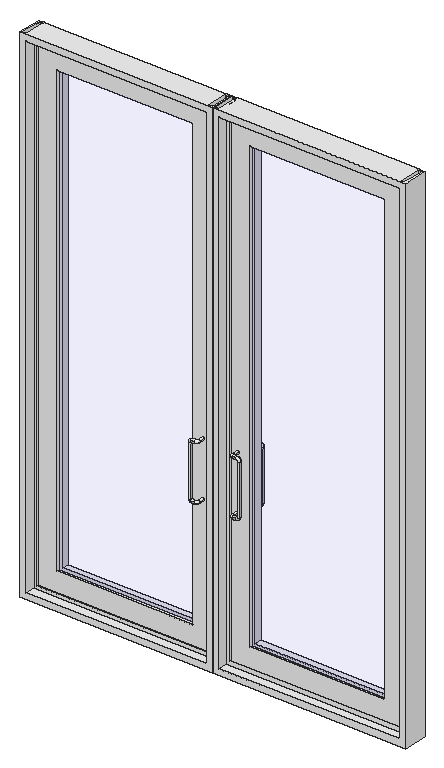
Revit family "kawneer-2000t-pr_20608", category Doors, Revit 2015
Parameters
  Width = 64"
  Water - Static (ASTM E 331) = "In-swing - 6.24 psf (300 Pa)\r\nOut-swing - 15.0 psf (718 Pa)"
  URL = "http://www.kawneer.com/kawneer/north_america/en/product.asp?prod_id=1822"
  Type of Glazing = "monolithic, insulating"
  Type Comments = "Narrow Stile Terrace Access Door"
  Thermal Transmittance = "<0.57 BTU/hr/ff/F"
  Sub Category3 = ""
  Sub Category2 = ""
  Sub Category1 = ""
  Short Description = "Narrow Stile Terrace Access Door"
  Product data url = "https://bimobject.com/kawneerna/product/20607"
  Panel Inserts Material = Glass
  Overall U-Factor = "0.5646"
  Model = "2000T Terrace Door"
  Manufacturer Part Number = "2000T Terrace Door"
  Manufacturer = "Kawneer"
  Keywords = "Entrance, Door, Swing Door, French Door, Balcony Door, Thermally Broken Door"
  Hurricane Resistant Tested = "Small missile\r\nLarge missile"
  Hinging Types = "Butt Hinge"
  Height = 84"
  Glass U-Factor = "0.48"
  Glass Installtion = "outside"
  Glass Capture = "Captured"
  Function (Interior or Exterior) = "Exterior"
  Function = Interior
  Door Panel Width = Width / 2  # 32"
  Door Panel Material = Aluminum - ASTM B 221 - 6063-T6 alloy and temper
  Door Hangle Height = 33 25/256"
  Door Handle Material = Aluminum - ASTM B 221 - 6063-T6 alloy and temper
  Door Corner Construction = "Mitered, heavy duty internal corner clip"
  Design Pressure = "40 psf (1915 Pa)"
  Design Load = "60 psf (2873 Pa)"
  Description = "The \"2000T Terrace Door\" is a thermally broken high performance French style door for use in condominiums, lofts, hotels and apartments.  It features mitered corner construction with heavy duty corner clips, stainless steel locking hardware and designed to meet the code requirements of windborne debris protection."
  Depth = 2"
  Color = "any"
  Cladding Type = "n/a"
  CSI Masterformat Code = "08 41 13"
  Assembly Code = "B2030110"
  Application = "exterior balconies"
  Air Infiltration (ASTM E 283) = "< 0.30 cfm/ft2  @ 6.24 psf (300 Pa), Pairs Doors"
  2-Color Option = "yes"
Reference planes
  plane 1 "Center (Front/Back)": y = -50
  plane 2: z = 0
  plane 3 "Center (Left/Right)": x = -310.356
  plane 4: x = -1123.156
  plane 5: x = 502.444
  plane 6: y = -24.6
  plane 7: y = -75.4
  plane 8: z = 2133.6
  plane 9: z = 840.68
Dimensions and locks
  equal spacing: plane 4, plane 3 "Center (Left/Right)", plane 5
  equal spacing: plane 6, plane 1 "Center (Front/Back)", plane 7
  "Depth": plane 6 to plane 7
  "Width": plane 4 to plane 5
  "Height": plane 8 to level
  "Door Hangle Height": plane 9 to level
  aligned and locked: plane 1 "Center (Front/Back)" to nested 1
  aligned and locked: nested 2 to plane 1 "Center (Front/Back)"
  aligned and locked: plane 4 to nested 2
  aligned and locked: plane 5 to nested 1
Nested families
  nested 1: "Kawneer-2000T-Sgl" at (406.4, 0, 0), type "Kawneer-2000T-Sgl"
  nested 2: "Kawneer-2000T-Sgl" at (-1027.112, 0, 0) x (-1, 0, 0) z (0, 0, 1), type "Kawneer-2000T-Sgl"
Definition of nested family "Kawneer-2000T-Sgl"
  Parameters
    Width = 32"
    Water - static (ASTM E 331) = "In-swing - 6.24 psf (300 Pa)\r\nOut-swing - 15.0 psf (718 Pa)"
    URL = "http://www.kawneer.com/kawneer/north_america/en/product.asp?prod_id=1822"
    Type of Glazing = "monolithic, insulating"
    Type Comments = "Narrow Stile Terrace Access Door"
    Thermal transmittance = "<0.57 BTU/hr/ff/F"
    Sub Category3 = ""
    Sub Category2 = ""
    Sub Category1 = ""
    Short Description = "Narrow Stile Terrace Access Door"
    Panel Inserts Material = none
    Overall U-Factor = "0.5646"
    Model = "2000T Terrace Door"
    Mfr Part Num = "2000T Terrace Door"
    Manufacturer = "Kawneer"
    Keywords = "Entrance, Door, Swing Door, French Door, Balcony Door, Thermally Broken Door"
    Hurricane Resistant Tested = "Small missile\r\nLarge missile"
    Hinging Types = "Butt Hinge"
    Height = 84"
    Glass capture = "Captured"
    Glass U-Factor = "0.48"
    Glass Installtion = "outside"
    Function (Interior or Exterior) = "Exterior"
    Door Panel Material = none
    Door Hangle Material = none
    Door Hangle Height = 33 25/256"
    Door Handle Width = Width - (1 9/16" * 2)  # 28 7/8"
    Door Corner Construction = "Mitered, heavy duty internal corner clip"
    Design load = "60 psf (2873 Pa)"
    Design Pressure = "40 psf (1915 Pa)"
    Description = "The \"2000T Terrace Door\" is a thermally broken high performance French style door for use in condominiums, lofts, hotels and apartments.  It features mitered corner construction with heavy duty corner clips, stainless steel locking hardware and designed to meet the code requirements of windborne debris protection."
    Depth = 4"
    Color = "any"
    Cladding Type = "n/a"
    CSI Mastformat Code = "08 41 13"
    Assembly Code = "B2030110"
    Application = "exterior balconies"
    Air Infiltration (ASTM E 283) = "< 0.30 cfm/ft2  @ 6.24 psf (300 Pa), Single Doors"
    2-Color Option = "yes"
  Reference planes
    plane 1 "Center (Front/Back)": y = -50
    plane 2: z = 0
    plane 3 "Center (Left/Right)": x = -310.356
    plane 4: x = -716.756
    plane 5: x = 96.044
    plane 6: y = 0.8
    plane 7: y = -100.8
    plane 8: z = 2133.6
    plane 9: z = 840.68
    plane 10: x = -691.356
    plane 11: x = 70.644
    plane 12: z = 25.4
    plane 13: z = 2108.2
    plane 14: x = -596.106
    plane 15: x = -24.606
    plane 16: x = -643.731
  Forms (mm)
    Sweep 1, solid, material <- "Door Panel Material"
      path origin (0, -50, 0) x (1, 0, 0) y (0, 0, 1)
        loop
          line (-716.756, 2133.6) -> (-716.756, 0)
      profile "2000TDoorFrameSide : 2000TDoorFrameSide" origin (-716.756, -50, 1066.8) x (1, 0, 0) y (0, -1, 0)
        loop
          line (25.4, 50.8) -> (0, 50.8) -> (0, -50.8) -> (20.439, -50.8) -> (20.4, -45.839) -> (25.4, -45.839) -> (25.4, 6.35) -> (40.382, 6.35) -> (40.382, 11.311) -> (25.4, 11.311) -> (25.4, 50.8)
        loop
          line (5, -45.8) -> (15.439, -45.8) -> (15.439, -40.839) -> (20.439, -40.839) -> (20.4, 45.75) -> (5, 45.75) -> (5, -45.8)
    Sweep 2, solid, material <- "Door Panel Material"
      path origin (0, -50, 0) x (1, 0, 0) y (0, 0, 1)
        loop
          line (96.044, 2133.6) -> (96.044, 0)
      profile "2000TDoorFrameSide : 2000TDoorFrameSide" origin (96.044, -50, 1066.8) x (1, 0, 0) y (0, -1, 0)
        loop
          line (-25.4, 50.8) -> (-25.4, 11.311) -> (-40.382, 11.311) -> (-40.382, 6.35) -> (-25.4, 6.35) -> (-25.4, -45.839) -> (-20.4, -45.839) -> (-20.439, -50.8) -> (0, -50.8) -> (0, 50.8) -> (-25.4, 50.8)
        loop
          line (-5, -45.8) -> (-5, 45.75) -> (-20.4, 45.75) -> (-20.439, -40.839) -> (-15.439, -40.839) -> (-15.439, -45.8) -> (-5, -45.8)
    Sweep 3, solid, material <- "Door Panel Material"
      path origin (0, -50, 0) x (1, 0, 0) y (0, 0, 1)
        loop
          line (-691.356, 2133.6) -> (70.644, 2133.6)
      profile "2000TDoorFrameTop : 2000TDoorFrameTop" origin (-310.356, -50, 2133.6) x (0, 0, 1) y (0, -1, 0)
        loop
          line (-25.4, 50.8) -> (-25.4, 11.311) -> (-40.382, 11.311) -> (-40.382, 6.35) -> (-25.4, 6.35) -> (-25.4, -45.839) -> (-20.4, -45.839) -> (-20.439, -50.8) -> (0, -50.8) -> (0, 50.8) -> (-25.4, 50.8)
        loop
          line (-5, -45.8) -> (-5, 45.75) -> (-20.4, 45.75) -> (-20.439, -40.839) -> (-15.439, -40.839) -> (-15.439, -45.8) -> (-5, -45.8)
    Sweep 4, solid, material <- "Door Panel Material"
      path origin (0, -50, 0) x (1, 0, 0) y (0, 0, 1)
        loop
          line (-691.356, 0) -> (70.644, 0)
      profile "2000TDoorFrameBottom : 2000TDoorFrameBottom" origin (-310.356, -50, 0) x (0, 0, 1) y (0, -1, 0)
        loop
          line (25.4, 50.8) -> (0, 50.8) -> (0, -50.8) -> (20.439, -50.8) -> (20.4, -45.839) -> (25.4, -45.839) -> (25.4, 6.35) -> (40.382, 6.35) -> (40.382, 11.311) -> (25.4, 11.311) -> (25.4, 50.8)
        loop
          line (5, -45.8) -> (15.439, -45.8) -> (15.439, -40.839) -> (20.439, -40.839) -> (20.4, 45.75) -> (5, 45.75) -> (5, -45.8)
    Sweep 5, solid, material <- "Door Panel Material"
      path origin (0, -50, 0) x (1, 0, 0) y (0, 0, 1)
        loop
          line (-691.356, 2108.2) -> (-691.356, 25.4)
      profile "2000TSide : 2000TSide" origin (-691.356, -50, 1066.8) x (1, 0, 0) y (0, -1, 0)
        loop
          line (57.35, 1.35) -> (4.961, 1.35) -> (4.961, -45.839) -> (57.35, -45.839) -> (57.35, 1.35)
        loop
          line (95.25, -50.8) -> (95.25, -22.682) -> (62.35, -22.682) -> (62.35, 1.35) -> (90.289, 1.35) -> (90.289, -3.611) -> (95.25, -3.611) -> (95.25, 6.35) -> (0, 6.35) -> (0, 1.35) -> (0, -45.8) -> (-4.961, -45.8) -> (-4.961, -50.8) -> (95.25, -50.8)
        loop
          line (62.35, -45.8) -> (90.289, -45.8) -> (90.289, -27.643) -> (62.35, -27.643) -> (62.35, -45.8)
    Sweep 6, solid, material <- "Door Panel Material"
      path origin (0, -50, 0) x (1, 0, 0) y (0, 0, 1)
        loop
          line (70.644, 2108.2) -> (70.644, 25.4)
      profile "2000TSide : 2000TSide" origin (70.644, -50, 1066.8) x (1, 0, 0) y (0, -1, 0)
        loop
          line (-57.35, 1.35) -> (-57.35, -45.839) -> (-4.961, -45.839) -> (-4.961, 1.35) -> (-57.35, 1.35)
        loop
          line (-95.25, -50.8) -> (4.961, -50.8) -> (4.961, -45.8) -> (0, -45.8) -> (0, 1.35) -> (0, 6.35) -> (-95.25, 6.35) -> (-95.25, -3.611) -> (-90.289, -3.611) -> (-90.289, 1.35) -> (-62.35, 1.35) -> (-62.35, -22.682) -> (-95.25, -22.682) -> (-95.25, -50.8)
        loop
          line (-62.35, -45.8) -> (-62.35, -27.643) -> (-90.289, -27.643) -> (-90.289, -45.8) -> (-62.35, -45.8)
    Sweep 7, solid, material <- "Door Panel Material"
      path origin (0, -50, 0) x (1, 0, 0) y (0, 0, 1)
        loop
          line (-596.106, 2108.2) -> (-24.606, 2108.2)
      profile "2000TTop : 2000TTop" origin (-310.356, -50, 2108.2) x (0, 0, 1) y (0, -1, 0)
        loop
          line (-57.35, 1.35) -> (-57.35, -45.839) -> (-4.961, -45.839) -> (-4.961, 1.35) -> (-57.35, 1.35)
        loop
          line (-95.25, -50.8) -> (4.961, -50.8) -> (4.961, -45.8) -> (0, -45.8) -> (0, 1.35) -> (0, 6.35) -> (-95.25, 6.35) -> (-95.25, -3.611) -> (-90.289, -3.611) -> (-90.289, 1.35) -> (-62.35, 1.35) -> (-62.35, -22.682) -> (-95.25, -22.682) -> (-95.25, -50.8)
        loop
          line (-62.35, -45.8) -> (-62.35, -27.643) -> (-90.289, -27.643) -> (-90.289, -45.8) -> (-62.35, -45.8)
    Sweep 8, solid, material <- "Door Panel Material"
      path origin (0, -50, 0) x (1, 0, 0) y (0, 0, 1)
        loop
          line (-596.106, 25.4) -> (-24.606, 25.4)
      profile "2000TBottom : 2000TBottom" origin (-310.356, -50, 25.4) x (0, 0, 1) y (0, -1, 0)
        loop
          line (57.35, 1.35) -> (4.961, 1.35) -> (4.961, -45.839) -> (57.35, -45.839) -> (57.35, 1.35)
        loop
          line (95.25, -50.8) -> (95.25, -22.682) -> (62.35, -22.682) -> (62.35, 1.35) -> (90.289, 1.35) -> (90.289, -3.611) -> (95.25, -3.611) -> (95.25, 6.35) -> (0, 6.35) -> (0, 1.35) -> (0, -45.8) -> (-4.961, -45.8) -> (-4.961, -50.8) -> (95.25, -50.8)
        loop
          line (62.35, -45.8) -> (90.289, -45.8) -> (90.289, -27.643) -> (62.35, -27.643) -> (62.35, -45.8)
    Extrusion 9, solid, material <- "Panel Inserts Material"
      sketch origin (0, 0, 0) x (1, 0, 0) y (0, 1, 0)
        loop
          line (-629.006, -27.318) -> (-629.006, -46.389) -> (8.294, -46.389) -> (8.294, -27.318) -> (-629.006, -27.318)
      from 87.75 to 2045.85
  Cuts and joins
    joined: Sweep 1, Sweep 2, Sweep 3, Sweep 4, Sweep 5, Sweep 6, Sweep 7, Sweep 8
  Dimensions and locks
    equal spacing: plane 4, plane 3 "Center (Left/Right)", plane 5
    equal spacing: plane 6, plane 1 "Center (Front/Back)", plane 7
    "Depth": plane 6 to plane 7
    "Width": plane 4 to plane 5
    "Height": plane 8 to level
    "Door Hangle Height": plane 9 to level
    locked: plane 4 to plane 10 at 25.4
    locked: plane 11 to plane 5 at 25.4
    locked: plane 12 to level at 25.4
    locked: plane 8 to plane 13 at 25.4
    locked: plane 4 to plane 14 at 120.65
    locked: plane 15 to plane 5 at 120.65
    locked: plane 4 to plane 16 at 73.025
    aligned and locked: plane 8 to Sweep 1 sketch curve
    aligned and locked: level to Sweep 1 sketch curve
    aligned and locked: plane 8 to Sweep 2 sketch curve
    aligned and locked: level to Sweep 2 sketch curve
    aligned and locked: plane 10 to Sweep 3 sketch curve
    aligned and locked: plane 11 to Sweep 3 sketch curve
    aligned and locked: plane 10 to Sweep 4 sketch curve
    aligned and locked: plane 11 to Sweep 4 sketch curve
    aligned and locked: plane 13 to Sweep 5 sketch curve
    aligned and locked: plane 12 to Sweep 5 sketch curve
    aligned and locked: plane 13 to Sweep 6 sketch curve
    aligned and locked: plane 12 to Sweep 6 sketch curve
    aligned and locked: plane 14 to Sweep 7 sketch curve
    aligned and locked: plane 15 to Sweep 7 sketch curve
    aligned and locked: Extrusion 9 sketch curve to cut or joined group of Sweep 1, Sweep 2, Sweep 3, Sweep 4, Sweep 5, Sweep 6, Sweep 7, Sweep 8  (x3)
    aligned and locked: cut or joined group of Sweep 1, Sweep 2, Sweep 3, Sweep 4, Sweep 5, Sweep 6, Sweep 7, Sweep 8 to Extrusion 9 sketch curve
    aligned and locked: cut or joined group of Sweep 1, Sweep 2, Sweep 3, Sweep 4, Sweep 5, Sweep 6, Sweep 7, Sweep 8 to Extrusion 9
    aligned and locked: Extrusion 9 to cut or joined group of Sweep 1, Sweep 2, Sweep 3, Sweep 4, Sweep 5, Sweep 6, Sweep 7, Sweep 8
    aligned and locked: nested 2 to plane 6
    aligned and locked: nested 2 to plane 16
    aligned and locked: plane 16 to nested 1
    aligned and locked: plane 9 to nested 1
    aligned and locked: nested 2 to plane 9
    aligned and locked: cut or joined group of Sweep 1, Sweep 2, Sweep 3, Sweep 4, Sweep 5, Sweep 6, Sweep 7, Sweep 8 to nested 1
  Automatic sketch dimensions
    Sweep 1 sketch curve to plane 4 = 0"
    Sweep 2 sketch curve to plane 5 = 0"
    Sweep 3 sketch curve to plane 8 = 0"
    Sweep 4 sketch curve to level = 0"
    Sweep 5 sketch curve to plane 10 = 0"
    Sweep 6 sketch curve to plane 11 = 0"
    Sweep 7 sketch curve to plane 13 = 0"
    Sweep 8 sketch curve to plane 12 = 0"
    plane 14 to Sweep 8 sketch curve = 0"
    plane 15 to Sweep 8 sketch curve = 0"
  Nested families
    nested 1: "Style CO 9 Pull" at (-681.766, -61.311, 612.08), type "Style CO 9 Pull"
    nested 2: "Style CO 9 Pull" at (-681.766, 0.8, 612.08), type "Style CO 9 Pull"
  Definition of nested family "Style CO 9 Pull"
    Parameters
      Width = 1.1811"
      Height = 9"
      Hangle Material = none
      Depth = 1.1811"
    Reference planes
      plane 1 "Center (Front/Back)": y = 0
      plane 2: z = 0
      plane 3 "Center (Left/Right)": x = 53.034
      plane 4: y = -30
      plane 5: x = 38.034
      plane 6: x = 68.034
      plane 7: x = 46.034
      plane 8 "Top": z = 228.6
      plane 9: x = 60.034
      plane 10: z = 220.6
      plane 11: z = 8
    Forms (mm)
      Sweep 1, solid, material <- "Hangle Material"
        path origin (0, 0, 0) x (1, 0, 0) y (0, 1, 0)
          loop
            line (38.034, 0) -> (38.034, -23)
            arc (38.034, -23) -> (40.085, -27.95) -> (45.034, -30) r 7
            line (45.034, -30) -> (60.034, -30)
        profile origin (38.034, -11.5, 0) x (1, 0, 0) y (0, 0, 1)
          loop
            circle (0, 0) r 5
      Sweep 2, solid, material <- "Hangle Material"
        path origin (0, 0, 228.6) x (-1, 0, 0) y (0, -1, 0)
          loop
            line (-38.034, 0) -> (-38.034, 23)
            arc (-38.034, 23) -> (-40.085, 27.95) -> (-45.034, 30) r 7
            line (-45.034, 30) -> (-60.034, 30)
        profile origin (38.034, -11.5, 228.6) x (1, 0, 0) y (0, 0, 1)
          loop
            circle (0, 0) r 5
      Sweep 3, solid, material <- "Hangle Material"
        path origin (-1540.712, -30, 1200) x (-1, 0, 0) y (0, 0, 1)
          loop
            arc (-1600.747, -1200) -> (-1606.404, -1197.657) -> (-1608.747, -1192) r 8
            line (-1608.747, -1192) -> (-1608.747, -979.4)
            arc (-1608.747, -979.4) -> (-1606.404, -973.743) -> (-1600.747, -971.4) r 8
        profile origin (68.034, -30, 114.3) x (1, 0, 0) y (0, 1, 0)
          loop
            circle (0, 0) r 5
    Cuts and joins
      joined: Sweep 1, Sweep 2, Sweep 3
    Dimensions and locks
      "Depth": plane 4 to plane 1 "Center (Front/Back)"
      equal spacing: plane 5, plane 3 "Center (Left/Right)", plane 6
      locked: plane 5 to plane 7 at 8
      "Width": plane 5 to plane 6
      "Height": plane 8 "Top" to level
      locked: plane 9 to plane 6 at 8
      locked: level to plane 11 at 8
      locked: plane 10 to plane 8 "Top" at 8
      aligned and locked: Sweep 1 sketch curve to plane 5
      aligned and locked: Sweep 1 sketch curve to plane 4
      aligned and locked: plane 1 "Center (Front/Back)" to Sweep 1 sketch curve
      aligned and locked: plane 9 to Sweep 1 sketch curve
      aligned and locked: Sweep 2 sketch curve to plane 5
      aligned and locked: Sweep 2 sketch curve to plane 4
      aligned and locked: plane 1 "Center (Front/Back)" to Sweep 2 sketch curve
      aligned and locked: plane 9 to Sweep 2 sketch curve
      aligned and locked: plane 6 to Sweep 3 sketch curve  (x2)
      aligned and locked: plane 10 to Sweep 3 sketch curve
      aligned and locked: plane 11 to Sweep 3 sketch curve
      aligned and locked: plane 9 to Sweep 3 sketch curve  (x2)
      aligned and locked: plane 8 "Top" to Sweep 3 sketch curve
      aligned and locked: level to Sweep 3 sketch curve
      aligned and locked: plane 4 to Sweep 3 sketch curve
    Automatic sketch dimensions
      Sweep 1 sketch curve to plane 7 = 0.03937"
      Sweep 1 sketch curve to level = 0"
      Sweep 1 sketch curve to profile plane = 0"
      Sweep 2 sketch curve to plane 7 = 0.03937"
      Sweep 2 sketch curve to plane 8 "Top" = 0"
      Sweep 2 sketch curve to profile plane = 0"
      radius of Sweep 1 sketch curve = 0.19685"
      radius of Sweep 2 sketch curve = 0.19685"
      radius of Sweep 3 sketch curve = 0.19685"
